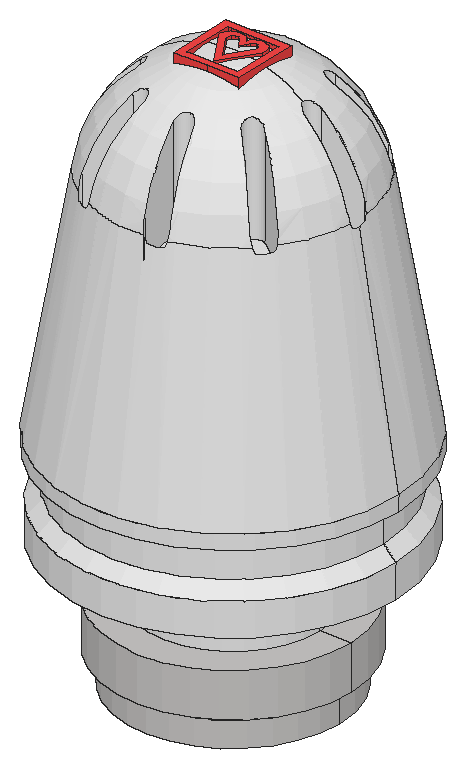
Revit family "HERZ-Mini-Turbo-Design-Thermostatic Sensor M28x1.5 9200 13", category Rohrzubehör, Revit 2018
Family settings
  Bemaßung runder Anschluss = Durchmesser verwenden
  Teiletyp = Normal
  OmniClass-Nummer = 23.65.55.14
  OmniClass-Titel = Valves for Liquid Services
  Arbeitsebenenbasiert = Nein
  Immer vertikal = Nein
  Beim Laden mit Abzugskörper schneiden = Nein
  Gemeinsam genutzt = Nein
Parameters
  URL = "www.herzvalves.com"
  Set value range = "0-30°C"  # constant formula
  S02 = 60 mm  # constant formula
  S01 = 73 mm  # constant formula
  Part number = 1920013  # constant formula
  Operation = "The HERZ thermostat serves as a sensing and control element.\r\nThe volumetric change of the liquid filling in the HERZ hydrosensor moves the thrust spindle of the valve"
  Shut off zero position = "When set to \"0\", the thermostatic valve is shut off and the frost protection is disabled."
  Hersteller = "HERZ Armaturen Ges.m.b.H."  # constant formula
  Hand wheel = "plastic, white"  # constant formula
  Frost protection = 6 °C  # constant formula
  Frost protection setpoint range = "6-30°C"  # constant formula
  Frost protection * = "When set to *, the valve automatically opens at approx.\r\n6 ° C ambient temperature and prevents the system from freezing."
  Application = "For mounting on valves that are designed for thermostatic operation"
Reference planes
  plane 1 "Mitte (Vorne/hinten)": y = 0
  plane 2: z = 0
  plane 3 "Mitte (Links/rechts)": x = 0
Forms (mm)
  Revolve 1, solid, material "Kunststoff weiß", detail levels fine
    sketch origin (0, 0, 0) x (1, 0, 0) y (0, 0, 1)
      loop
        line (0, 0) -> (0, 73)
        arc (0, 73) -> (-11.397, 68.78) -> (-17.297, 58.156) r 17.5
        arc (-17.297, 58.156) -> (-20.011, 42.065) -> (-22.88, 26) r 1681.293
        line (-22.88, 26) -> (-22.88, 24) -> (-20.75, 24) -> (-20.75, 19.25) -> (-22.5, 17.5) -> (-22.5, 13) -> (-12.8, 13)
        arc (-12.8, 13) -> (-12.234, 12.766) -> (-12, 12.2) r 0.8
        line (-12, 12.2) -> (-12, 4.8) -> (-13.2, 4.8) -> (-13.2, 0) -> (0, 0)
      axis (0, 73) -> (0, 0)
    angle from 0 to 360
  Revolve 2, solid, material "Messing verzinkt", detail levels fine
    sketch origin (0, 0, 0) x (1, 0, 0) y (0, 0, 1)
      loop
        line (0, 0) -> (0, 5.5) -> (-16.35, 5.5) -> (-16.35, -0.576) -> (-14.75, -1.5) -> (-14.75, -5) -> (-13.35, -5) -> (-13.35, 0) -> (0, 0)
      axis (0, 5.5) -> (0, -5)
    angle from 0 to 360
  Extrusion 3, void
    sketch origin (0, 0, 0) x (1, 0, 0) y (0, 1, 0)
      loop
        arc (11.027, 1.298) -> (9.8, 0) -> (11.027, -1.298) r 1.3
        line (11.027, -1.298) -> (16.77, -1.62)
        arc (16.77, -1.62) -> (17.178, -1.485) -> (17.384, -1.107) r 0.586
        arc (17.384, -1.107) -> (17.453, 0.011) -> (17.382, 1.129) r 9
        arc (17.382, 1.129) -> (17.183, 1.492) -> (16.79, 1.621) r 0.564
        line (16.79, 1.621) -> (11.027, 1.298)
      loop
        line (9.282, 6.094) -> (13.904, 9.55)
        arc (13.904, 9.55) -> (14.121, 9.902) -> (14.04, 10.308) r 0.564
        arc (14.04, 10.308) -> (13.376, 11.21) -> (12.605, 12.023) r 9
        arc (12.605, 12.023) -> (12.205, 12.18) -> (11.805, 12.021) r 0.586
        line (11.805, 12.021) -> (7.613, 8.082)
        arc (7.613, 8.082) -> (7.507, 6.299) -> (9.282, 6.094) r 1.3
      loop
        arc (0.637, 11.085) -> (1.702, 9.651) -> (3.193, 10.634) r 1.3
        line (3.193, 10.634) -> (4.508, 16.234)
        arc (4.508, 16.234) -> (4.445, 16.659) -> (4.109, 16.928) r 0.586
        arc (4.109, 16.928) -> (3.02, 17.189) -> (1.907, 17.313) r 9
        arc (1.907, 17.313) -> (1.515, 17.181) -> (1.319, 16.816) r 0.564
        line (1.319, 16.816) -> (0.637, 11.085)
      loop
        line (-4.39, 10.199) -> (-6.991, 15.351)
        arc (-6.991, 15.351) -> (-7.3, 15.626) -> (-7.713, 15.617) r 0.564
        arc (-7.713, 15.617) -> (-8.717, 15.12) -> (-9.651, 14.501) r 9
        arc (-9.651, 14.501) -> (-9.875, 14.134) -> (-9.788, 13.713) r 0.586
        line (-9.788, 13.713) -> (-6.638, 8.901)
        arc (-6.638, 8.901) -> (-4.9, 8.487) -> (-4.39, 10.199) r 1.3
      loop
        arc (-10.806, 2.552) -> (-9.209, 3.352) -> (-9.918, 4.991) r 1.3
        line (-9.918, 4.991) -> (-15.204, 7.258)
        arc (-15.204, 7.258) -> (-15.634, 7.271) -> (-15.957, 6.986) r 0.586
        arc (-15.957, 6.986) -> (-16.404, 5.959) -> (-16.719, 4.884) r 9
        arc (-16.719, 4.884) -> (-16.657, 4.475) -> (-16.332, 4.219) r 0.564
        line (-16.332, 4.219) -> (-10.806, 2.552)
      loop
        line (-10.806, -2.552) -> (-16.332, -4.219)
        arc (-16.332, -4.219) -> (-16.657, -4.475) -> (-16.719, -4.884) r 0.564
        arc (-16.719, -4.884) -> (-16.404, -5.959) -> (-15.957, -6.986) r 9
        arc (-15.957, -6.986) -> (-15.634, -7.271) -> (-15.204, -7.258) r 0.586
        line (-15.204, -7.258) -> (-9.918, -4.991)
        arc (-9.918, -4.991) -> (-9.209, -3.352) -> (-10.806, -2.552) r 1.3
      loop
        arc (9.282, -6.094) -> (7.507, -6.299) -> (7.613, -8.082) r 1.3
        line (7.613, -8.082) -> (11.805, -12.021)
        arc (11.805, -12.021) -> (12.205, -12.18) -> (12.605, -12.023) r 0.586
        arc (12.605, -12.023) -> (13.376, -11.21) -> (14.04, -10.308) r 9
        arc (14.04, -10.308) -> (14.121, -9.902) -> (13.904, -9.55) r 0.564
        line (13.904, -9.55) -> (9.282, -6.094)
      loop
        line (0.637, -11.085) -> (1.319, -16.816)
        arc (1.319, -16.816) -> (1.515, -17.181) -> (1.907, -17.313) r 0.564
        arc (1.907, -17.313) -> (3.02, -17.189) -> (4.109, -16.928) r 9
        arc (4.109, -16.928) -> (4.445, -16.659) -> (4.508, -16.234) r 0.586
        line (4.508, -16.234) -> (3.193, -10.634)
        arc (3.193, -10.634) -> (1.702, -9.651) -> (0.637, -11.085) r 1.3
      loop
        arc (-4.39, -10.199) -> (-4.9, -8.487) -> (-6.638, -8.901) r 1.3
        line (-6.638, -8.901) -> (-9.788, -13.713)
        arc (-9.788, -13.713) -> (-9.875, -14.134) -> (-9.651, -14.501) r 0.586
        arc (-9.651, -14.501) -> (-8.717, -15.12) -> (-7.713, -15.617) r 9
        arc (-7.713, -15.617) -> (-7.3, -15.626) -> (-6.991, -15.351) r 0.564
        line (-6.991, -15.351) -> (-4.39, -10.199)
    from 55 to 73
Cuts and joins
  Extrusion 3 cuts Revolve 1
Lines and regions (mm)
  model lines, detail levels coarse+medium
    curve 1: line (0, 0, 0) -> (0, 0, 13)
    curve 2: line (0, -0.017, 0) -> (0, 13, 0)
    curve 3: circle (-0.018, 0, 43) r 30 normal (0, -1, 0)
    curve 4: circle (0, 0, 43) r 30 normal (1, 0, 0)
    curve 5: line (0, 0, 23) -> (0, 0, 63)
    curve 6: line (0, 17.5, 63) -> (0, -17.5, 63)
    curve 7: line (-0.018, 0, 23) -> (-0.018, 0, 63)
    curve 8: line (-17.518, 0, 63) -> (17.482, 0, 63)
    curve 9: circle (0, 43, 0) r 30 normal (0, 0, 1)
    curve 10: line (0, 63, 0) -> (0, 23, 0)
    curve 11: line (-17.5, 63, 0) -> (17.5, 63, 0)
Dimensions and locks
  "S01": curve 4 to plane 2
  "S01": curve 3 to plane 2
  "S01": plane 1 "Mitte (Vorne/hinten)" to curve 9
  "S02": diameter of curve 3
  "S02": diameter of curve 4
  "S02": diameter of curve 9
  aligned and locked: level to plane 2
Automatic sketch dimensions
  Revolve 1 sketch curve to level = 0 mm
  Revolve 1 sketch curve to plane 3 "Mitte (Links/rechts)" = 0 mm  (x2)
  Revolve 1 sketch curve to plane 3 "Mitte (Links/rechts)" = 12 mm
  Revolve 1 sketch curve to Revolve 1 sketch curve = 0.8 mm
  Revolve 1 sketch curve to Revolve 1 sketch curve = 1.2 mm
  Revolve 1 sketch curve to Revolve 1 sketch curve = 7.95 mm
  Revolve 1 sketch curve to Revolve 1 sketch curve = 1.75 mm  (x2)
  Revolve 1 sketch curve to Revolve 1 sketch curve = 2.13 mm
  level to Revolve 1 sketch curve = 329.658 mm
  Revolve 1 sketch curve to plane 3 "Mitte (Links/rechts)" = 1676.524 mm
  level to Revolve 1 sketch curve = 4.8 mm
  Revolve 1 sketch curve to Revolve 1 sketch curve = 7.4 mm
  Revolve 1 sketch curve to Revolve 1 sketch curve = 4.5 mm
  Revolve 1 sketch curve to Revolve 1 sketch curve = 4.75 mm
  Revolve 1 sketch curve to Revolve 1 sketch curve = 2 mm
  Revolve 1 sketch curve to Revolve 1 sketch curve = 29.5 mm
  Revolve 1 sketch curve to Revolve 1 sketch curve = 17.5 mm
  Revolve 1 sketch curve to level = 366.045 mm
  Revolve 1 sketch curve to Revolve 1 sketch curve = 2141.315 mm
  Revolve 2 sketch curve to level = 0 mm
  Revolve 2 sketch curve to plane 3 "Mitte (Links/rechts)" = 0 mm  (x2)
  Revolve 2 sketch curve to level = 5 mm
  Revolve 2 sketch curve to plane 3 "Mitte (Links/rechts)" = 13.35 mm
  Revolve 2 sketch curve to Revolve 2 sketch curve = 1.4 mm
  Revolve 2 sketch curve to level = 0.576 mm
  Revolve 2 sketch curve to Revolve 2 sketch curve = 1.6 mm
  Revolve 2 sketch curve to level = 1.5 mm
  level to Revolve 2 sketch curve = 5.5 mm
  Revolve 2 sketch curve to Revolve 2 sketch curve = 361.045 mm
  Revolve 2 sketch curve to Revolve 2 sketch curve = 2208.815 mm
  plane 1 "Mitte (Vorne/hinten)" to Extrusion 3 sketch curve = 0 mm  (x2)
  Extrusion 3 sketch curve to plane 1 "Mitte (Vorne/hinten)" = 4.219 mm
  Extrusion 3 sketch curve to plane 3 "Mitte (Links/rechts)" = 16.332 mm
  plane 1 "Mitte (Vorne/hinten)" to Extrusion 3 sketch curve = 4.219 mm
  Extrusion 3 sketch curve to Extrusion 3 sketch curve = 0 mm  (x11)
  Extrusion 3 sketch curve to Extrusion 3 sketch curve = 0.163 mm  (x2)
  Extrusion 3 sketch curve to Extrusion 3 sketch curve = 0.734 mm  (x2)
  plane 1 "Mitte (Vorne/hinten)" to Extrusion 3 sketch curve = 7.258 mm
  Extrusion 3 sketch curve to Extrusion 3 sketch curve = 0.231 mm  (x2)
  Extrusion 3 sketch curve to plane 1 "Mitte (Vorne/hinten)" = 7.258 mm
  plane 1 "Mitte (Vorne/hinten)" to Extrusion 3 sketch curve = 2.552 mm
  Extrusion 3 sketch curve to Extrusion 3 sketch curve = 5.526 mm
  Extrusion 3 sketch curve to plane 1 "Mitte (Vorne/hinten)" = 2.552 mm
  Extrusion 3 sketch curve to Extrusion 3 sketch curve = 0.375 mm  (x2)
  Extrusion 3 sketch curve to Extrusion 3 sketch curve = 0.512 mm  (x2)
  Extrusion 3 sketch curve to Extrusion 3 sketch curve = 5.416 mm  (x2)
  Extrusion 3 sketch curve to Extrusion 3 sketch curve = 0.49 mm  (x2)
  Extrusion 3 sketch curve to Extrusion 3 sketch curve = 2.488 mm  (x2)
  Extrusion 3 sketch curve to Extrusion 3 sketch curve = 1.803 mm  (x2)
  Extrusion 3 sketch curve to Extrusion 3 sketch curve = 0.504 mm  (x2)
  Extrusion 3 sketch curve to Extrusion 3 sketch curve = 3.281 mm  (x2)
  Extrusion 3 sketch curve to Extrusion 3 sketch curve = 1.088 mm  (x2)
  Extrusion 3 sketch curve to Extrusion 3 sketch curve = 1.16 mm  (x2)
  Extrusion 3 sketch curve to Extrusion 3 sketch curve = 1.324 mm  (x2)
  plane 3 "Mitte (Links/rechts)" to Extrusion 3 sketch curve = 0.637 mm  (x2)
  plane 3 "Mitte (Links/rechts)" to Extrusion 3 sketch curve = 1.319 mm  (x2)
  plane 3 "Mitte (Links/rechts)" to Extrusion 3 sketch curve = 1.468 mm  (x2)
  Extrusion 3 sketch curve to Extrusion 3 sketch curve = 0.561 mm  (x2)
  Extrusion 3 sketch curve to Extrusion 3 sketch curve = 1.291 mm  (x2)
  Extrusion 3 sketch curve to Extrusion 3 sketch curve = 1.266 mm  (x2)
  Extrusion 3 sketch curve to Extrusion 3 sketch curve = 2.058 mm  (x2)
  Extrusion 3 sketch curve to Extrusion 3 sketch curve = 0.57 mm  (x2)
  Extrusion 3 sketch curve to Extrusion 3 sketch curve = 5.007 mm  (x2)
  Extrusion 3 sketch curve to Extrusion 3 sketch curve = 1.138 mm  (x2)
  Extrusion 3 sketch curve to Extrusion 3 sketch curve = 1.978 mm
  Extrusion 3 sketch curve to Extrusion 3 sketch curve = 0.89 mm  (x2)
  Extrusion 3 sketch curve to Extrusion 3 sketch curve = 0.779 mm  (x2)
  plane 1 "Mitte (Vorne/hinten)" to Extrusion 3 sketch curve = 1.298 mm
  Extrusion 3 sketch curve to Extrusion 3 sketch curve = 2.575 mm
  Extrusion 3 sketch curve to Extrusion 3 sketch curve = 0.073 mm
  Extrusion 3 sketch curve to Extrusion 3 sketch curve = 4.192 mm  (x2)
  Extrusion 3 sketch curve to Extrusion 3 sketch curve = 0.401 mm  (x2)
  Extrusion 3 sketch curve to Extrusion 3 sketch curve = 1.36 mm  (x2)
  Extrusion 3 sketch curve to Extrusion 3 sketch curve = 0.338 mm  (x2)
  plane 1 "Mitte (Vorne/hinten)" to Extrusion 3 sketch curve = 1.62 mm
  Extrusion 3 sketch curve to Extrusion 3 sketch curve = 5.743 mm
  Extrusion 3 sketch curve to plane 1 "Mitte (Vorne/hinten)" = 1.621 mm
  Extrusion 3 sketch curve to Extrusion 3 sketch curve = 0.02 mm
  Extrusion 3 sketch curve to Extrusion 3 sketch curve = 0.033 mm
  Extrusion 3 sketch curve to Extrusion 3 sketch curve = 0.032 mm
  plane 1 "Mitte (Vorne/hinten)" to Extrusion 3 sketch curve = 7.32 mm
  Extrusion 3 sketch curve to Extrusion 3 sketch curve = 6.784 mm
  Extrusion 3 sketch curve to Extrusion 3 sketch curve = 1.004 mm
  Extrusion 3 sketch curve to Extrusion 3 sketch curve = 1.581 mm  (x2)
  Extrusion 3 sketch curve to Extrusion 3 sketch curve = 1.468 mm
  Extrusion 3 sketch curve to Extrusion 3 sketch curve = 0.712 mm  (x2)
  Extrusion 3 sketch curve to Extrusion 3 sketch curve = 0.452 mm  (x2)
  Extrusion 3 sketch curve to Extrusion 3 sketch curve = 2.31 mm  (x2)
  Extrusion 3 sketch curve to Extrusion 3 sketch curve = 0.297 mm  (x2)
  Extrusion 3 sketch curve to Extrusion 3 sketch curve = 1.591 mm  (x2)
  Extrusion 3 sketch curve to Extrusion 3 sketch curve = 0.427 mm  (x2)
  Extrusion 3 sketch curve to Extrusion 3 sketch curve = 4.812 mm  (x2)
  Extrusion 3 sketch curve to Extrusion 3 sketch curve = 0.321 mm  (x2)
  Extrusion 3 sketch curve to Extrusion 3 sketch curve = 1.063 mm  (x2)
  Extrusion 3 sketch curve to Extrusion 3 sketch curve = 0.254 mm  (x2)
  Extrusion 3 sketch curve to Extrusion 3 sketch curve = 5.599 mm  (x2)
  Extrusion 3 sketch curve to Extrusion 3 sketch curve = 0.134 mm  (x2)
  Extrusion 3 sketch curve to Extrusion 3 sketch curve = 0.382 mm  (x2)
  Extrusion 3 sketch curve to Extrusion 3 sketch curve = 0.067 mm  (x2)
  Extrusion 3 sketch curve to Extrusion 3 sketch curve = 0.947 mm
  Extrusion 3 sketch curve to Extrusion 3 sketch curve = 0.539 mm  (x2)
  Extrusion 3 sketch curve to Extrusion 3 sketch curve = 1.702 mm
  Extrusion 3 sketch curve to Extrusion 3 sketch curve = 2.439 mm
  Extrusion 3 sketch curve to Extrusion 3 sketch curve = 0.54 mm  (x2)
  Extrusion 3 sketch curve to Extrusion 3 sketch curve = 0.905 mm
  Extrusion 3 sketch curve to Extrusion 3 sketch curve = 0.585 mm
  Extrusion 3 sketch curve to Extrusion 3 sketch curve = 0.564 mm
  Extrusion 3 sketch curve to Extrusion 3 sketch curve = 0.339 mm
  Extrusion 3 sketch curve to Extrusion 3 sketch curve = 1.245 mm
  Extrusion 3 sketch curve to plane 1 "Mitte (Vorne/hinten)" = 5.433 mm
  Extrusion 3 sketch curve to Extrusion 3 sketch curve = 0.661 mm
  Extrusion 3 sketch curve to Extrusion 3 sketch curve = 1.041 mm
  Extrusion 3 sketch curve to Extrusion 3 sketch curve = 4.429 mm
  Extrusion 3 sketch curve to Extrusion 3 sketch curve = 2.891 mm
  Extrusion 3 sketch curve to Extrusion 3 sketch curve = 3.456 mm
  Extrusion 3 sketch curve to plane 1 "Mitte (Vorne/hinten)" = 1.298 mm  (x2)
  curve 5 to plane 1 "Mitte (Vorne/hinten)" = 0 mm
  curve 4 to plane 1 "Mitte (Vorne/hinten)" = 0 mm
  plane 1 "Mitte (Vorne/hinten)" to curve 6 = 17.5 mm
  curve 5 to curve 6 = 17.5 mm
  curve 5 to curve 4 = 20 mm
  curve 4 to curve 6 = 20 mm
  curve 1 to plane 3 "Mitte (Links/rechts)" = 0 mm
  curve 1 to level = 0 mm
  curve 3 to plane 3 "Mitte (Links/rechts)" = 0.018 mm
  curve 7 to plane 3 "Mitte (Links/rechts)" = 0.018 mm
  curve 8 to curve 7 = 17.5 mm
  plane 3 "Mitte (Links/rechts)" to curve 8 = 17.482 mm
  curve 1 to curve 7 = 10 mm
  curve 3 to curve 8 = 20 mm
  curve 9 to plane 3 "Mitte (Links/rechts)" = 0 mm
  curve 10 to plane 3 "Mitte (Links/rechts)" = 0 mm
  curve 2 to plane 3 "Mitte (Links/rechts)" = 0 mm
  curve 11 to curve 10 = 17.5 mm
  plane 3 "Mitte (Links/rechts)" to curve 11 = 17.5 mm
  plane 1 "Mitte (Vorne/hinten)" to curve 2 = 0.017 mm
  curve 2 to curve 10 = 10 mm
  curve 9 to curve 11 = 20 mm
Nested families
  nested 1: "Herz-Logo" at (0, 0, 71.5), type "Herz-Logo", detail levels fine
Definition of nested family "Herz-Logo"
  Reference planes
    plane 1 "Mitte (Vorne/hinten)": y = 0
    plane 2: z = 0
    plane 3 "Mitte (Links/rechts)": x = 0
  Forms (mm)
    Extrusion 1, solid
      sketch origin (0, 0, 0) x (1, 0, 0) y (0, 1, 0)
        loop
          line (-0.018, -4.517) -> (4.482, -4.517) -> (4.482, 4.483) -> (-4.518, 4.483) -> (-4.518, -4.517) -> (-0.018, -4.517)
        loop
          line (-0.05, -3.48) -> (3.482, -3.48) -> (3.482, 3.483) -> (-3.518, 3.483) -> (-3.518, -3.48) -> (-0.05, -3.48)
        loop
          arc (-0.018, 2.383) -> (-1.543, 3.287) -> (-3.067, 2.383) r 1.738
          arc (-3.067, 2.383) -> (-3.191, 1.899) -> (-3.067, 1.415) r 1.009
          line (-3.067, 1.415) -> (-0.018, -3.281) -> (3.032, 1.415)
          arc (3.032, 1.415) -> (3.156, 1.899) -> (3.032, 2.383) r 1.009
          arc (3.032, 2.383) -> (1.507, 3.287) -> (-0.018, 2.383) r 1.738
        loop
          arc (1.885, 1.272) -> (2.005, 1.675) -> (1.885, 2.079) r 0.74
          arc (1.885, 2.079) -> (1.265, 2.416) -> (0.644, 2.079) r 0.74
          line (0.644, 2.079) -> (-0.018, 0.97) -> (-0.679, 2.079)
          arc (-0.679, 2.079) -> (-1.3, 2.416) -> (-1.921, 2.079) r 0.74
          arc (-1.921, 2.079) -> (-2.04, 1.675) -> (-1.921, 1.272) r 0.74
          line (-1.921, 1.272) -> (-0.018, -1.658) -> (1.885, 1.272)
      from 0 to 1.5
  Dimensions and locks
    aligned and locked: level to plane 2
